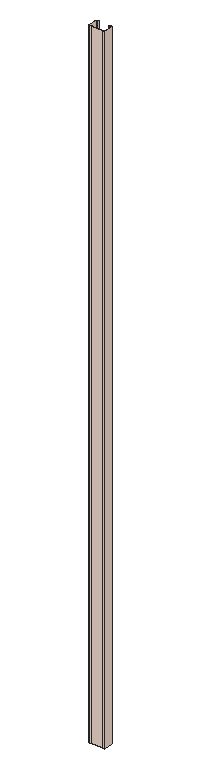
Revit family "WS-75", category 機械設備, Revit 2020
Family settings
  丸型コネクタ寸法 = 直径を使用
  種別 = なし
  パーツ タイプ = 標準
  作業面ベース = いいえ
  常に垂直 = はい
  ロード時にボイドで切り取り = いいえ
  共有 = いいえ
  部屋計算ポイント = いいえ
Parameters
  製造元 = "株式会社桐井製作所"
  既定の高さ = 0 mm
  URL = "https://www.kirii.co.jp/"
  K_長さ(mm) [instance] = 3000 mm
  K_材質 = "SGCCまたはSGHC 　一般用"
  K_断面積A(mm2) = 148
  K_断面係数Zy(mm3) = 1526
  K_断面係数Zx(mm3) = 3757
  K_断面2次半径iy(mm) = 17.1
  K_断面2次半径ix(mm) = 30.9
  K_断面2次モーメントIy(mm4) = 43360
  K_断面2次モーメントIx(mm4) = 140900
  K_外形寸法(mm) = "75×45×0.8"
  K_品名 = "WS-75"
  K_名称 = "スタッド"
  K_単位質量(kg/m) = 1.196
  K_ヤング係数E(N/mm2) = 205000
  K_バージョン情報 = "20210524"
  K_めっき付着量 = "Z12"
  K_JIS規格 = "JIS G 3302"
  K_JIS外 [instance] = not(K_JIS)  # no
  K_JIS [instance] = [K_長さ(mm)] < 4001 mm  # yes
Reference planes
  plane 1 "中心(正面/背面)": y = 0
  plane 2: z = 0
  plane 3 "中心(左/右)": x = 0
  plane 4: z = 3000
  plane 5: y = 45
Forms (mm)
  Extrusion 1, solid
    sketch origin (0, 0, 0) x (0, 1, 0) y (-1, 0, 0)
      loop
        line (0.8, -29.744) -> (1.8, -28.744) -> (1.8, 28.919) -> (0.8, 29.919) -> (0.8, 36.788) -> (44.2, 36.788) -> (44.2, 28.022) -> (40.596, 28.022) -> (40.596, 27.088) -> (45, 27.088) -> (45, 37.588) -> (0, 37.588) -> (0, 29.588) -> (1, 28.588) -> (1, -28.412) -> (0, -29.412) -> (0, -37.412) -> (45, -37.412) -> (45, -26.912) -> (40.596, -26.912) -> (40.596, -27.712) -> (44.2, -27.712) -> (44.2, -36.612) -> (0.8, -36.612) -> (0.8, -29.744)
    from 0 to 3000
Dimensions and locks
  "K_長さ(mm)": plane 4 to plane 2
  plane 1 "中心(正面/背面)" to plane 5 = 45 mm
  aligned and locked: level to plane 2
  aligned and locked: plane 4 to Extrusion 1
Automatic sketch dimensions
  plane 1 "中心(正面/背面)" to Extrusion 1 sketch curve = 0 mm  (x2)
  Extrusion 1 sketch curve to plane 1 "中心(正面/背面)" = 0 mm  (x2)
  Extrusion 1 sketch curve to plane 1 "中心(正面/背面)" = 0.8 mm  (x2)
  Extrusion 1 sketch curve to plane 1 "中心(正面/背面)" = 1 mm  (x2)
  Extrusion 1 sketch curve to Extrusion 1 sketch curve = 0.8 mm  (x5)
  Extrusion 1 sketch curve to plane 5 = 4.404 mm  (x2)
  Extrusion 1 sketch curve to plane 5 = 0.8 mm  (x3)
  plane 5 to Extrusion 1 sketch curve = 0 mm
  Extrusion 1 sketch curve to Extrusion 1 sketch curve = 6.869 mm  (x2)
  Extrusion 1 sketch curve to Extrusion 1 sketch curve = 0.331 mm  (x4)
  Extrusion 1 sketch curve to Extrusion 1 sketch curve = 1 mm  (x2)
  Extrusion 1 sketch curve to Extrusion 1 sketch curve = 8.9 mm
  Extrusion 1 sketch curve to plane 3 "中心(左/右)" = 27.088 mm
  Extrusion 1 sketch curve to Extrusion 1 sketch curve = 0.934 mm
  Extrusion 1 sketch curve to plane 3 "中心(左/右)" = 28.588 mm
  Extrusion 1 sketch curve to plane 5 = 0 mm
  plane 3 "中心(左/右)" to Extrusion 1 sketch curve = 26.912 mm
